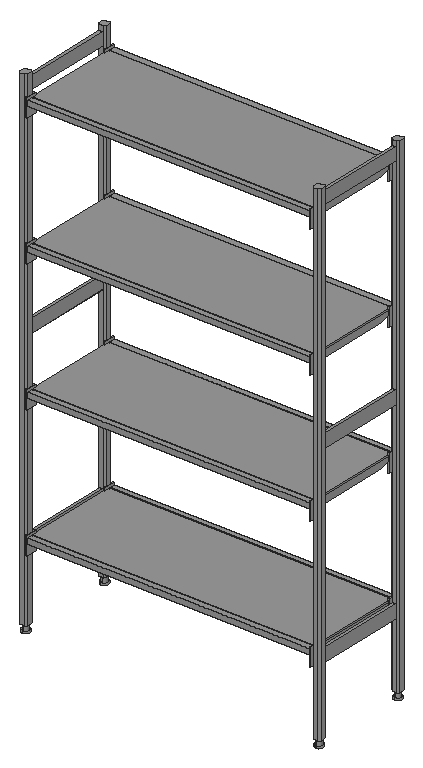
Revit family "QF_ZANUSSI_137013_ALS1038", category Attrezzature speciali, Revit 2020
Family settings
  Quota connettore circolare = Usa diametro
  Tipo di parte = Normale
  Basato su piano di lavoro = No
  Sempre verticale = Sì
  Taglio con vuoti quando caricato = No
  Condiviso = No
  Punto di calcolo locali = No
Parameters (values of type "Standard")
  Weight = 19.00 kg
  Watts = 0 W
  Volts = 0 V
  URL Manufacturer = "http://www.zanussiprofessional.com"
  URL = "http://www.zanussiprofessional.com"
  Steam Supply Size = 0 mm
  Steam Supply Minimum Pressure = 0.0 Pa
  Steam Supply Maximum Pressure = 0.0 Pa
  Steam Consumption per Hour = 0
  Refrigeration Suction Line Size = 0.0 mm
  Refrigeration Liquid Line Size = 0.0 mm
  Refrigerant Compressor Remote = yes
  Prospetto di default = 0.0 mm
  Phase = 0
  Modello = "ALS1038"
  Produttore = "Zanussi"
  Length Actual = 1038.0 mm  # constant formula
  Item Number = "137013"
  Hot Water Size = 0 mm
  Height Actual = 1700.0 mm  # constant formula
  HP = "0 HP"
  Gas Size = 0 mm
  Gas KW = 0
  Gas Input Pressure = 0 W
  Direct Waste Size = 0 mm
  Descrizione = "ALUM.LINEAR SHELV.-POLY.TIERS-373X1038MM"
  Depth Actual = 373.0 mm  # constant formula
  Cycle = 0 Hz
  Condensate Return Size = 0 mm
  Compressed Air Volume = 0.0 L/s
  Compressed Air Size = 0 mm
  Compressed Air Pressure = 0.0 Pa
  Cold Water Size = 0 mm
  Accessory = yes
Reference planes
  plane 1: z = 0
  plane 2 "Center (Left/Right)": x = -31
  plane 3 "LEFT": x = -550
  plane 4 "RIGHT": x = 488
  plane 5 "BACK": y = 23
  plane 6 "FRONT": y = -350
  plane 7 "TOP": z = 1700
  plane 8: x = 483
  plane 9: x = -518
  plane 10: x = 456
  plane 11 "Center (Front/Back)": y = -163.5
  plane 12: x = 451
  plane 13: y = -8.5
  plane 14: y = -318.5
  plane 15 "FEET": z = 25
  plane 16: z = 275
  plane 17: z = 725
  plane 18: z = 1175
  plane 19: z = 1625
  plane 20 "CXLeft": x = -536
  plane 21 "CXRight": x = 474
  plane 22: y = 5.5
  plane 23 "CYBack": y = 5.5
  plane 24 "CYFront": y = -332.5
Forms (mm)
  Extrusion 1, solid, material "QF_Aluminum"
    sketch origin (-550, 0, 0) x (0, 1, 0) y (0, 0, 1)
      loop
        line (4, 1650.994) -> (4, 1632.998) -> (23, 1632.998) -> (23, 1650.994) -> (4, 1650.994)
      loop
        line (-331, 1650.994) -> (-350, 1650.994) -> (-350, 1632.998) -> (-331, 1632.998) -> (-331, 1650.994)
      loop
        line (4, 1200.994) -> (4, 1182.998) -> (23, 1182.998) -> (23, 1200.994) -> (4, 1200.994)
      loop
        line (-331, 1200.994) -> (-350, 1200.994) -> (-350, 1182.998) -> (-331, 1182.998) -> (-331, 1200.994)
      loop
        line (4, 750.994) -> (4, 732.998) -> (23, 732.998) -> (23, 750.994) -> (4, 750.994)
      loop
        line (-331, 750.994) -> (-350, 750.994) -> (-350, 732.998) -> (-331, 732.998) -> (-331, 750.994)
      loop
        line (4, 300.994) -> (4, 282.998) -> (23, 282.998) -> (23, 300.994) -> (4, 300.994)
      loop
        line (-331, 300.994) -> (-350, 300.994) -> (-350, 282.998) -> (-331, 282.998) -> (-331, 300.994)
    from 32 to 1006
  Extrusion 2, solid, material "QF_Polyethylene"
    sketch origin (-550, 0, 0) x (0, 1, 0) y (0, 0, 1)
      loop
        line (2.007, 1650.994) -> (-329, 1650.994) -> (-329, 1644.496) -> (2.007, 1644.496) -> (2.007, 1650.994)
      loop
        line (2.007, 1200.994) -> (-329, 1200.994) -> (-329, 1194.496) -> (2.007, 1194.496) -> (2.007, 1200.994)
      loop
        line (2.007, 750.994) -> (-329, 750.994) -> (-329, 744.496) -> (2.007, 744.496) -> (2.007, 750.994)
      loop
        line (2.007, 300.994) -> (-329, 300.994) -> (-329, 294.496) -> (2.007, 294.496) -> (2.007, 300.994)
    from 32 to 1006
  Extrusion 3, solid, material "QF_Aluminum"
    sketch origin (488, 0, 0) x (0, 1, 0) y (0, 0, 1)
      loop
        line (-12, 1632.998) -> (4, 1632.998) -> (4, 1650.994) -> (2.007, 1650.994) -> (2.007, 1644.496) -> (-329, 1644.496) -> (-329, 1650.994) -> (-331, 1650.994) -> (-331, 1632.998) -> (-315, 1632.998) -> (-281, 1620.994) -> (-46, 1620.994) -> (-12, 1632.998)
      loop
        line (-12, 1182.998) -> (4, 1182.998) -> (4, 1200.994) -> (2.007, 1200.994) -> (2.007, 1194.496) -> (-329, 1194.496) -> (-329, 1200.994) -> (-331, 1200.994) -> (-331, 1182.998) -> (-315, 1182.998) -> (-281, 1170.994) -> (-46, 1170.994) -> (-12, 1182.998)
      loop
        line (-12, 732.998) -> (4, 732.998) -> (4, 750.994) -> (2.007, 750.994) -> (2.007, 744.496) -> (-329, 744.496) -> (-329, 750.994) -> (-331, 750.994) -> (-331, 732.998) -> (-315, 732.998) -> (-281, 720.994) -> (-46, 720.994) -> (-12, 732.998)
      loop
        line (-12, 282.998) -> (4, 282.998) -> (4, 300.994) -> (2.007, 300.994) -> (2.007, 294.496) -> (-329, 294.496) -> (-329, 300.994) -> (-331, 300.994) -> (-331, 282.998) -> (-315, 282.998) -> (-281, 270.994) -> (-46, 270.994) -> (-12, 282.998)
    from -32 to -37
Lines and regions (mm)
  symbolic lines
    curve 1: line (456, 4, 1700) -> (-518, 4, 1700)
    curve 2: line (-522, 23, 1700) -> (460, 23, 1700)
    curve 3: line (460, 13.246, 1700) -> (466.254, 19.5, 1700)
    curve 4: line (466.254, -8.5, 1700) -> (460, -2.246, 1700)
    curve 5: line (466.254, -318.5, 1700) -> (460, -324.754, 1700)
    curve 6: line (-522, -350, 1700) -> (460, -350, 1700)
    curve 7: line (460, 23, 1700) -> (460, -12.993, 1700)
    curve 8: line (460, -12.993, 1700) -> (456, -12.993, 1700)
    curve 9: line (460, -350, 1700) -> (460, -314.007, 1700)
    curve 10: line (460, -314.007, 1700) -> (456, -314.007, 1700)
    curve 11: line (-518, -12.993, 1700) -> (-518, -314.007, 1700)
    curve 12: line (-518, -331, 1700) -> (456, -331, 1700)
    curve 13: line (456, -12.993, 1700) -> (456, -314.007, 1700)
Dimensions and locks
  locked: plane 3 "LEFT" to plane 4 "RIGHT" at 1038
  equal spacing: plane 3 "LEFT", plane 2 "Center (Left/Right)", plane 4 "RIGHT"
  locked: plane 7 "TOP" to level at 1700
  locked: plane 5 "BACK" to plane 6 "FRONT" at 373
  locked: plane 4 "RIGHT" to plane 8 at 5
  locked: plane 9 to plane 10 at 974
  locked: plane 3 "LEFT" to plane 9 at 32
  plane 12 to plane 10 = 5.0 mm
  locked: plane 13 to plane 14 at 310
  equal spacing: plane 13, plane 11 "Center (Front/Back)", plane 14
  equal spacing: plane 5 "BACK", plane 11 "Center (Front/Back)", plane 6 "FRONT"
  plane 15 "FEET" to level = 25.0 mm
  plane 7 "TOP" to plane 15 "FEET" = 1675.0 mm
  plane 16 to plane 15 "FEET" = 250.0 mm
  plane 17 to plane 16 = 450.0 mm
  plane 18 to plane 17 = 450.0 mm
  plane 19 to plane 18 = 450.0 mm
  locked: plane 3 "LEFT" to plane 20 "CXLeft" at 14
  locked: plane 21 "CXRight" to plane 4 "RIGHT" at 14
  locked: plane 5 "BACK" to plane 23 "CYBack" at 17.5
  locked: plane 24 "CYFront" to plane 6 "FRONT" at 17.5
  aligned and locked: level to plane 1
  aligned and locked: plane 9 to Extrusion 2
  aligned and locked: Extrusion 2 to plane 10
  aligned and locked: plane 9 to Extrusion 1
  aligned and locked: Extrusion 1 to plane 10
  aligned and locked: Extrusion 1 sketch curve to Extrusion 1 sketch curve  (x2)
  aligned and locked: Extrusion 3 sketch curve to Extrusion 3 sketch curve  (x3)
  aligned and locked: Extrusion 3 to plane 12
  aligned and locked: Extrusion 3 to plane 10
  aligned and locked: plane 20 "CXLeft" to nested 1
  aligned and locked: plane 21 "CXRight" to nested 2
Automatic sketch dimensions
  Extrusion 1 sketch curve to plane 6 "FRONT" = 0.0 mm  (x4)
  Extrusion 1 sketch curve to plane 5 "BACK" = 0.0 mm  (x4)
  plane 24 "CYFront" to Extrusion 1 sketch curve = 1.5 mm  (x2)
  plane 22 to Extrusion 1 sketch curve = 1.5 mm  (x4)
  plane 16 to Extrusion 1 sketch curve = 7.998 mm  (x2)
  Extrusion 1 sketch curve to Extrusion 1 sketch curve = 17.997 mm  (x8)
  plane 17 to Extrusion 1 sketch curve = 7.998 mm  (x2)
  plane 18 to Extrusion 1 sketch curve = 7.998 mm  (x2)
  plane 19 to Extrusion 1 sketch curve = 7.998 mm  (x2)
  plane 24 "CYFront" to Extrusion 2 sketch curve = 3.5 mm  (x4)
  plane 22 to Extrusion 2 sketch curve = 3.493 mm  (x4)
  plane 16 to Extrusion 2 sketch curve = 19.496 mm
  Extrusion 2 sketch curve to Extrusion 2 sketch curve = 6.499 mm  (x4)
  plane 17 to Extrusion 2 sketch curve = 19.496 mm
  plane 18 to Extrusion 2 sketch curve = 19.496 mm
  plane 19 to Extrusion 2 sketch curve = 19.496 mm
  plane 24 "CYFront" to Extrusion 3 sketch curve = 1.5 mm  (x4)
  Extrusion 3 sketch curve to Extrusion 3 sketch curve = 2.0 mm
  plane 14 to Extrusion 3 sketch curve = 3.5 mm  (x4)
  Extrusion 3 sketch curve to plane 16 = 4.006 mm
  Extrusion 3 sketch curve to Extrusion 3 sketch curve = 34.0 mm  (x4)
  Extrusion 3 sketch curve to plane 17 = 4.006 mm
  Extrusion 3 sketch curve to plane 18 = 4.006 mm
  Extrusion 3 sketch curve to plane 19 = 4.006 mm
  Extrusion 3 sketch curve to plane 13 = 37.5 mm  (x4)
  Extrusion 3 sketch curve to plane 13 = 3.5 mm  (x4)
  plane 22 to Extrusion 3 sketch curve = 3.493 mm  (x4)
  plane 22 to Extrusion 3 sketch curve = 1.5 mm  (x4)
  plane 16 to Extrusion 3 sketch curve = 7.998 mm  (x2)
  Extrusion 3 sketch curve to Extrusion 3 sketch curve = 11.498 mm  (x4)
  Extrusion 3 sketch curve to Extrusion 3 sketch curve = 6.499 mm  (x8)
  plane 17 to Extrusion 3 sketch curve = 7.998 mm  (x2)
  plane 18 to Extrusion 3 sketch curve = 7.998 mm  (x2)
  plane 19 to Extrusion 3 sketch curve = 7.998 mm  (x2)
  curve 6 to plane 6 "FRONT" = 0.0 mm
  curve 12 to plane 9 = 0.0 mm
  curve 12 to plane 10 = 0.0 mm
  curve 5 to plane 14 = 0.0 mm
  curve 11 to plane 9 = 0.0 mm
  curve 8 to plane 10 = 0.0 mm
  curve 4 to plane 13 = 0.0 mm
  curve 1 to plane 9 = 0.0 mm
  curve 1 to plane 10 = 0.0 mm
  curve 2 to plane 5 "BACK" = 0.0 mm
  plane 14 to curve 10 = 4.493 mm
  curve 7 to plane 13 = 4.493 mm
  curve 10 to plane 10 = 4.0 mm
  curve 7 to plane 10 = 4.0 mm
  plane 24 "CYFront" to curve 12 = 1.5 mm
  curve 5 to plane 14 = 6.254 mm
  plane 14 to curve 11 = 4.493 mm
  curve 11 to plane 13 = 4.493 mm
  plane 13 to curve 4 = 6.254 mm
  plane 22 to curve 1 = 1.5 mm
  curve 3 to plane 22 = 7.746 mm
  curve 3 to plane 5 "BACK" = 3.5 mm
  curve 5 to curve 9 = 6.254 mm
  curve 3 to curve 2 = 6.254 mm
  curve 4 to curve 7 = 6.254 mm
  plane 9 to curve 2 = 4.0 mm
  plane 9 to curve 6 = 4.0 mm
Nested families
  nested 1: "WT_Anta373" at (-133, 0, 0), type "WT_Anta373"
  nested 2: "WT_Anta373" at (71, 0, 0) x (-1, 0, 0) z (0, 0, 1), type "WT_Anta373"
Definition of nested family "WT_Anta373"
  Parameters
    WidthLeft = A + 64.0 mm  # 772.0 mm
    Width = 1606.0 mm
    Right = WidthLeft / 2  # 386.0 mm
    Default Elevation = 0.0 mm
    Left = -WidthLeft / 2  # -386.0 mm
    Height = 1725.0 mm
    FEET = 25.0 mm
    E = 0.0 mm
    Dint = Depth - 63.0 mm  # 310.0 mm
    Dext = Depth - 8.0 mm  # 365.0 mm
    Depth = 373.0 mm
    DX = (WidthLeft - A) / 2  # 32.0 mm
    B = 798.0 mm
    A = 708.0 mm
  Reference planes
    plane 1: z = 0
    plane 2 "LEFT": x = -417
    plane 3 "BACK": y = 23
    plane 4 "FRONT": y = -350
    plane 5 "TOP": z = 1725
    plane 6 "Center (Front/Back)": y = -163.5
    plane 7: y = -8.5
    plane 8: y = -318.5
    plane 9 "FEET": z = 25
    plane 10: z = 275
    plane 11: z = 725
    plane 12: z = 1175
    plane 13: z = 1625
    plane 14 "CXLeft": x = -403
    plane 15: y = 5.5
    plane 16 "CYBack": y = 5.5
    plane 17 "CYFront": y = -332.5
    plane 18: x = -385.031
    plane 19: x = -380.031
  Forms (mm)
    Extrusion 1, solid
      sketch origin (0, 0, 0) x (1, 0, 0) y (0, 1, 0)
        loop
          line (-417, 13.246) -> (-417, -2.246) -> (-410.746, -8.5) -> (-395.254, -8.5) -> (-389, -2.246) -> (-389, 13.246) -> (-395.254, 19.5) -> (-410.746, 19.5) -> (-417, 13.246)
      from 1725 to 25
    Extrusion 2, solid
      sketch origin (-417, 0, 0) x (0, 1, 0) y (0, 0, 1)
        loop
          line (23, 246.005) -> (23, 307.993) -> (-12.993, 307.993) -> (-12.993, 246.005) -> (23, 246.005)
        loop
          line (-350, 246.005) -> (-314.007, 246.005) -> (-314.007, 307.993) -> (-350, 307.993) -> (-350, 246.005)
        loop
          line (23, 696.005) -> (23, 757.993) -> (-12.993, 757.993) -> (-12.993, 696.005) -> (23, 696.005)
        loop
          line (-350, 696.005) -> (-314.007, 696.005) -> (-314.007, 757.993) -> (-350, 757.993) -> (-350, 696.005)
        loop
          line (23, 1146.005) -> (23, 1207.993) -> (-12.993, 1207.993) -> (-12.993, 1146.005) -> (23, 1146.005)
        loop
          line (-350, 1146.005) -> (-314.007, 1146.005) -> (-314.007, 1207.993) -> (-350, 1207.993) -> (-350, 1146.005)
        loop
          line (23, 1596.005) -> (23, 1657.993) -> (-12.993, 1657.993) -> (-12.993, 1596.005) -> (23, 1596.005)
        loop
          line (-350, 1596.005) -> (-314.007, 1596.005) -> (-314.007, 1657.993) -> (-350, 1657.993) -> (-350, 1596.005)
      from 28 to 32
    Revolve 3, solid
      sketch origin (-403, 0, 0) x (0, 1, 0) y (0, 0, 1)
        loop
          line (5.5, 25) -> (5.5, 0) -> (19, 0) -> (19, 5) -> (14, 5) -> (14, 25) -> (5.5, 25)
        axis (5.5, 25) -> (5.5, 0)
      angle from 0 to 360
    Extrusion 4, solid
      sketch origin (-403, 0, 0) x (0, 1, 0) y (0, 0, 1)
        loop
          line (-8.5, 912.382) -> (-8.5, 957.374) -> (-318.5, 957.374) -> (-318.5, 912.382) -> (-8.5, 912.382)
        loop
          line (-8.5, 1662.244) -> (-8.5, 1707.236) -> (-318.5, 1707.236) -> (-318.5, 1662.244) -> (-8.5, 1662.244)
      from -5 to 5
    Revolve 5, solid
      sketch origin (-403, -627, 0) x (0, -1, 0) y (0, 0, 1)
        loop
          line (-294.5, 25) -> (-294.5, 0) -> (-281, 0) -> (-281, 5) -> (-286, 5) -> (-286, 25) -> (-294.5, 25)
        axis (-294.5, 25) -> (-294.5, 0)
      angle from 0 to 360
    Extrusion 6, solid
      sketch origin (0, -627, 0) x (1, 0, 0) y (0, 1, 0)
        loop
          line (-417, 286.754) -> (-410.746, 280.5) -> (-395.254, 280.5) -> (-389, 286.754) -> (-389, 302.246) -> (-395.254, 308.5) -> (-410.746, 308.5) -> (-417, 302.246) -> (-417, 286.754)
      from 1725 to 25
    Extrusion 7, solid
      sketch origin (-417.031, -0.022, 0) x (0, 1, 0) y (0, 0, -1)
        loop
          line (-12, -1632.998) -> (-46, -1620.994) -> (-281, -1620.994) -> (-315, -1632.998) -> (-331, -1632.998) -> (-331, -1650.994) -> (-329, -1650.994) -> (-329, -1644.496) -> (2.007, -1644.496) -> (2.007, -1650.994) -> (4, -1650.994) -> (4, -1632.998) -> (-12, -1632.998)
        loop
          line (-12, -1182.998) -> (-46, -1170.994) -> (-281, -1170.994) -> (-315, -1182.998) -> (-331, -1182.998) -> (-331, -1200.994) -> (-329, -1200.994) -> (-329, -1194.496) -> (2.007, -1194.496) -> (2.007, -1200.994) -> (4, -1200.994) -> (4, -1182.998) -> (-12, -1182.998)
        loop
          line (-12, -732.998) -> (-46, -720.994) -> (-281, -720.994) -> (-315, -732.998) -> (-331, -732.998) -> (-331, -750.994) -> (-329, -750.994) -> (-329, -744.496) -> (2.007, -744.496) -> (2.007, -750.994) -> (4, -750.994) -> (4, -732.998) -> (-12, -732.998)
        loop
          line (-12, -282.998) -> (-46, -270.994) -> (-281, -270.994) -> (-315, -282.998) -> (-331, -282.998) -> (-331, -300.994) -> (-329, -300.994) -> (-329, -294.496) -> (2.007, -294.496) -> (2.007, -300.994) -> (4, -300.994) -> (4, -282.998) -> (-12, -282.998)
      from -32 to -37
    Extrusion 8, solid
      sketch origin (-403, 0, -659.878) x (0, 1, 0) y (0, 0, 1)
        loop
          line (-8.5, 912.382) -> (-8.5, 957.374) -> (-318.5, 957.374) -> (-318.5, 912.382) -> (-8.5, 912.382)
        loop
          line (-8.5, 1572.382) -> (-8.5, 1617.374) -> (-318.5, 1617.374) -> (-318.5, 1572.382) -> (-8.5, 1572.382)
        loop
          line (-8.5, 2322.382) -> (-8.5, 2367.374) -> (-318.5, 2367.374) -> (-318.5, 2322.382) -> (-8.5, 2322.382)
      from -5 to 5
  Lines and regions (mm)
    symbolic lines
      curve 1: line (-408, -8.5, 1725) -> (-408, -318.5, 1725)
      curve 2: line (-398, -318.5, 1725) -> (-398, -8.5, 1725)
      curve 3: line (-395.254, -8.5, 1725) -> (-410.746, -8.5, 1725)
      curve 4: line (-417, -2.246, 1725) -> (-410.746, -8.5, 1725)
      curve 5: line (-417, 13.246, 1725) -> (-417, -2.246, 1725)
      curve 6: line (-410.746, 19.5, 1725) -> (-417, 13.246, 1725)
      curve 7: line (-395.254, 19.5, 1725) -> (-410.746, 19.5, 1725)
      curve 8: line (-389, 13.246, 1725) -> (-395.254, 19.5, 1725)
      curve 9: line (-395.254, -8.5, 1725) -> (-389, -2.246, 1725)
      curve 10: line (-395.254, -318.5, 1725) -> (-410.746, -318.5, 1725)
      curve 11: line (-417, -324.754, 1725) -> (-410.746, -318.5, 1725)
      curve 12: line (-410.746, -346.5, 1725) -> (-417, -340.246, 1725)
      curve 13: line (-395.254, -346.5, 1725) -> (-410.746, -346.5, 1725)
      curve 14: line (-389, -340.246, 1725) -> (-395.254, -346.5, 1725)
      curve 15: line (-395.254, -318.5, 1725) -> (-389, -324.754, 1725)
      curve 16: line (-389, -350, 1725) -> (-389, -314.007, 1725)
      curve 17: line (-389, -314.007, 1725) -> (-385, -314.007, 1725)
      curve 18: line (-389, 23, 1725) -> (-389, -12.993, 1725)
      curve 19: line (-389, -12.993, 1725) -> (-385, -12.993, 1725)
      curve 20: line (-417, -324.754, 1725) -> (-417, -340.246, 1725)
      curve 21: line (-385, -350, 1725) -> (-385, -314.007, 1725)
      curve 22: line (-385, -350, 1725) -> (-389, -350, 1725)
      curve 23: line (-385, 23, 1725) -> (-389, 23, 1725)
      curve 24: line (-385, -12.993, 1725) -> (-385, 23, 1725)
      curve 25: line (-385.031, -13.016, 1725) -> (-385.031, -314.029, 1725)
  Dimensions and locks
    "Height": plane 5 "TOP" to level
    "Depth": plane 3 "BACK" to plane 4 "FRONT"
    "Dint": plane 7 to plane 8
    equal spacing: plane 7, plane 6 "Center (Front/Back)", plane 8
    equal spacing: plane 3 "BACK", plane 6 "Center (Front/Back)", plane 4 "FRONT"
    plane 9 "FEET" to level = 25.0 mm
    plane 5 "TOP" to plane 9 "FEET" = 1700.0 mm
    plane 10 to plane 9 "FEET" = 250.0 mm
    plane 11 to plane 10 = 450.0 mm
    plane 12 to plane 11 = 450.0 mm
    plane 13 to plane 12 = 450.0 mm
    locked: plane 2 "LEFT" to plane 14 "CXLeft" at 14
    locked: plane 3 "BACK" to plane 16 "CYBack" at 17.5
    locked: plane 17 "CYFront" to plane 4 "FRONT" at 17.5
    locked: Revolve 3 sketch curve to Revolve 3 sketch curve at 8.5
    locked: Revolve 3 sketch curve to plane 16 "CYBack" at 13.5
    locked: Revolve 5 sketch curve to Revolve 5 sketch curve at 8.5
    aligned and locked: level to plane 1
    aligned and locked: curve 20 to Extrusion 6
    aligned and locked: plane 5 "TOP" to Extrusion 1
    aligned and locked: plane 5 "TOP" to Extrusion 6
    aligned and locked: Extrusion 7 sketch curve to Extrusion 7 sketch curve  (x3)
  Automatic sketch dimensions
    curve 16 to plane 4 "FRONT" = 0.0 mm
    curve 11 to plane 8 = 0.0 mm
    curve 9 to plane 7 = 0.0 mm
    curve 5 to plane 2 "LEFT" = 0.0 mm
    curve 23 to plane 3 "BACK" = 0.0 mm
    plane 4 "FRONT" to curve 13 = 3.5 mm
    curve 20 to plane 17 "CYFront" = 7.746 mm
    curve 20 to plane 8 = 6.254 mm
    plane 8 to curve 16 = 4.493 mm
    curve 24 to plane 18 = 0.031 mm
    curve 24 to plane 7 = 4.493 mm
    plane 7 to curve 5 = 6.254 mm
    curve 5 to plane 15 = 7.746 mm
    curve 6 to plane 3 "BACK" = 3.5 mm
    curve 21 to plane 18 = 0.031 mm
    plane 18 to curve 23 = 3.969 mm
    plane 18 to curve 16 = 3.969 mm
    curve 18 to curve 8 = 6.254 mm
    curve 18 to curve 3 = 6.254 mm
    curve 16 to curve 13 = 6.254 mm
    curve 16 to curve 15 = 6.254 mm
    plane 2 "LEFT" to curve 10 = 6.254 mm
    plane 2 "LEFT" to curve 7 = 6.254 mm
    plane 2 "LEFT" to curve 12 = 6.254 mm
    plane 2 "LEFT" to curve 3 = 6.254 mm
    curve 14 to plane 17 "CYFront" = 7.746 mm
    curve 15 to plane 8 = 6.254 mm
    plane 7 to curve 9 = 6.254 mm
    curve 8 to plane 15 = 7.746 mm
    curve 3 to curve 2 = 2.746 mm
    curve 1 to curve 10 = 2.746 mm
    Extrusion 1 sketch curve to plane 2 "LEFT" = 0.0 mm
    Extrusion 1 sketch curve to plane 7 = 0.0 mm
    plane 2 "LEFT" to Extrusion 1 sketch curve = 6.254 mm  (x2)
    plane 14 "CXLeft" to Extrusion 1 sketch curve = 7.746 mm  (x2)
    Extrusion 1 sketch curve to plane 3 "BACK" = 3.5 mm
    plane 18 to Extrusion 1 sketch curve = 3.969 mm
    plane 7 to Extrusion 1 sketch curve = 6.254 mm  (x2)
    Extrusion 1 sketch curve to plane 15 = 7.746 mm  (x2)
    Extrusion 2 sketch curve to plane 4 "FRONT" = 0.0 mm  (x4)
    Extrusion 2 sketch curve to plane 3 "BACK" = 0.0 mm  (x4)
    plane 8 to Extrusion 2 sketch curve = 4.493 mm  (x4)
    Extrusion 2 sketch curve to plane 7 = 4.493 mm  (x4)
    Extrusion 2 sketch curve to plane 10 = 28.995 mm  (x2)
    plane 10 to Extrusion 2 sketch curve = 32.993 mm  (x2)
    Extrusion 2 sketch curve to plane 11 = 28.995 mm  (x2)
    plane 11 to Extrusion 2 sketch curve = 32.993 mm  (x2)
    Extrusion 2 sketch curve to plane 12 = 28.995 mm  (x2)
    plane 12 to Extrusion 2 sketch curve = 32.993 mm  (x2)
    Extrusion 2 sketch curve to plane 13 = 28.995 mm  (x2)
    plane 13 to Extrusion 2 sketch curve = 32.993 mm  (x2)
    Revolve 3 sketch curve to plane 9 "FEET" = 0.0 mm  (x2)
    Revolve 3 sketch curve to plane 15 = 0.0 mm  (x2)
    Revolve 3 sketch curve to level = 0.0 mm
    level to Revolve 3 sketch curve = 5.0 mm
    Revolve 3 sketch curve to Revolve 3 sketch curve = 11.655 mm
    Extrusion 4 sketch curve to plane 8 = 0.0 mm  (x2)
    Extrusion 4 sketch curve to plane 7 = 0.0 mm  (x2)
    plane 11 to Extrusion 4 sketch curve = 187.382 mm
    Extrusion 4 sketch curve to Extrusion 4 sketch curve = 44.992 mm
    plane 13 to Extrusion 4 sketch curve = 37.244 mm
    Extrusion 4 sketch curve to plane 5 "TOP" = 17.764 mm
    Revolve 5 sketch curve to plane 9 "FEET" = 0.0 mm  (x2)
    Revolve 5 sketch curve to plane 17 "CYFront" = 0.0 mm  (x2)
    Revolve 5 sketch curve to level = 0.0 mm
    Revolve 5 sketch curve to plane 4 "FRONT" = 4.0 mm
    Revolve 5 sketch curve to Revolve 5 sketch curve = 5.0 mm
    level to Revolve 5 sketch curve = 11.655 mm
    Extrusion 6 sketch curve to plane 2 "LEFT" = 0.0 mm
    Extrusion 6 sketch curve to plane 8 = 0.0 mm
    Extrusion 6 sketch curve to plane 2 "LEFT" = 6.254 mm  (x2)
    Extrusion 6 sketch curve to plane 14 "CXLeft" = 7.746 mm  (x2)
    Extrusion 6 sketch curve to plane 4 "FRONT" = 3.5 mm
    Extrusion 6 sketch curve to plane 18 = 3.969 mm
    plane 8 to Extrusion 6 sketch curve = 6.254 mm  (x2)
    plane 17 "CYFront" to Extrusion 6 sketch curve = 7.746 mm  (x2)
    plane 17 "CYFront" to Extrusion 7 sketch curve = 1.478 mm  (x4)
    Extrusion 7 sketch curve to Extrusion 7 sketch curve = 2.0 mm
    plane 8 to Extrusion 7 sketch curve = 3.478 mm  (x4)
    Extrusion 7 sketch curve to plane 10 = 4.006 mm
    Extrusion 7 sketch curve to Extrusion 7 sketch curve = 34.0 mm  (x4)
    Extrusion 7 sketch curve to plane 11 = 4.006 mm
    Extrusion 7 sketch curve to plane 12 = 4.006 mm
    Extrusion 7 sketch curve to plane 13 = 4.006 mm
    Extrusion 7 sketch curve to plane 7 = 37.522 mm  (x4)
    Extrusion 7 sketch curve to plane 7 = 3.522 mm  (x4)
    plane 15 to Extrusion 7 sketch curve = 3.516 mm  (x4)
    plane 15 to Extrusion 7 sketch curve = 1.522 mm  (x4)
    plane 13 to Extrusion 7 sketch curve = 7.998 mm  (x2)
    Extrusion 7 sketch curve to Extrusion 7 sketch curve = 11.498 mm
    Extrusion 7 sketch curve to Extrusion 7 sketch curve = 6.499 mm  (x5)
    plane 12 to Extrusion 7 sketch curve = 25.994 mm  (x2)
    plane 12 to Extrusion 7 sketch curve = 7.998 mm  (x2)
    plane 11 to Extrusion 7 sketch curve = 25.994 mm  (x2)
    plane 11 to Extrusion 7 sketch curve = 7.998 mm  (x2)
    plane 10 to Extrusion 7 sketch curve = 25.994 mm  (x2)
    plane 10 to Extrusion 7 sketch curve = 7.998 mm  (x2)
    curve 25 to plane 18 = 0.0 mm
    plane 8 to curve 25 = 4.471 mm
    curve 25 to plane 7 = 4.516 mm
    Extrusion 8 sketch curve to plane 8 = 0.0 mm  (x3)
    Extrusion 8 sketch curve to plane 7 = 0.0 mm  (x3)
    Extrusion 8 sketch curve to plane 10 = 22.496 mm
    plane 10 to Extrusion 8 sketch curve = 22.496 mm
    plane 11 to Extrusion 8 sketch curve = 187.504 mm
    Extrusion 8 sketch curve to Extrusion 8 sketch curve = 44.992 mm
    plane 13 to Extrusion 8 sketch curve = 37.504 mm
    Extrusion 8 sketch curve to plane 5 "TOP" = 17.504 mm
